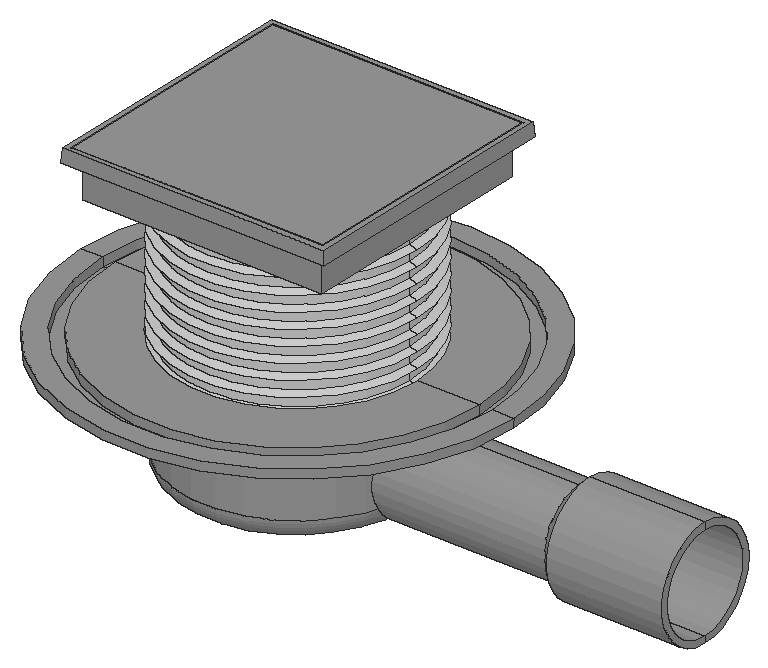
Revit family "HL_RU_Floor drain_HL90Prblue-3000-B-221019", category Instalační zařizovací předměty, Revit 2021
Family settings
  Kóta kulaté spojky = Použít průměr
  Typ dílu = Normální
  Číslo OmniClass = 23.70.50.21.24.14
  Nadpis OmniClass = Deck Waste Water Drains
  Založené na pracovní rovině = Ne
  Vždy vertikální = Ano
  Ořezat dutým tvarem při načtení = Ne
  Sdílené = Ano
  Bod výpočtu místnosti = Ano
Parameters (values of type "HL90Prblue-3000")
  РЕШЁТКА = "Edelstahl 115x115mm"
  РАЗМЕР = "DN40/50"
  ПРОПУСКНАЯ СПОСОБНОСТЬ = 0.43 L/s
  ПРОИЗВОДИТЕЛЬНОСТЬ = "0,43 l/s"
  ПРАВОВАЯ ИНФОРМАЦИЯ = "Авторские права(©), права на дизайн или какие либо другие права интелектуальной собственности являются исключительной собственностью компании HL Hutterer & Lechner. Изменению не подлежит. Файл семейства с данными о прозводителе изделия защищен паролем с водяным знаком."  # constant formula
  НОРМЫ = "EN 1253"
  НОМИНАЛЬНЫЙ ДИАМЕТР = 50 mm
  НАСАДКА = "10-80mm/121x121mm"
  МАТЕРИАЛ = "PP, Edelstahl"
  МАКСИМАЛЬНАЯ НАГРУЗКА КЛАССА = "K3 - 300 kg"
  ВЫСОТА МОНТАЖА = "67mm"
  ВЕС = "0,685 [kg]"
  Výchozí výška = 0 mm
  Přípoj ventilace = no
  Výrobce = "HL Hutterer & Lechner GmbH"  # constant formula
  URL = "https://www.hutterer-lechner.com/ru/Products/catalog/Floor-drains/horizontal/flange/HL90Prblue-3000.aspx"
  Přípoj odpadních dílů = yes
  Přípoj HW = no
  Popis = "Трапы для внутренних помещений"
  Model = "HL90Prblue-3000"
  Komentáře k typům = "Трап для внутренних помещений горизонтальный выпуск DN40/50 с \"СУХИМ\" сифоном Primus blue 121х121мм, с фиксацией решётки в подрамнике (Klick-Klack), с решёткой 115х115мм"
  Keynote = "HL90Prblue-3000"
  Высота монтажа [instance] = 139 mm
  EAN = "9003076050512"
  DN_test [instance] = if(or(НОМИНАЛЬНЫЙ ДИАМЕТР = 50 mm, НОМИНАЛЬНЫЙ ДИАМЕТР = 40 mm), 30 mm, 0 mm)  # 30 mm
  Přípoj CW = no
  C [instance] = if(НОМИНАЛЬНЫЙ ДИАМЕТР = 50 mm, 188 mm, 130 mm)  # 188 mm
  B [instance] = Высота монтажа - 20 mm  # 119 mm
  A [instance] = if(B - 100 mm > 15 mm, B - 100 mm, 15 mm)  # 19 mm
Reference planes
  plane 1 "Center (Front/Back)": y = 0
  plane 2: z = 0
  plane 3 "Center (Left/Right)": x = 0
  plane 4 "Ball Joint Vertical": x = 25.45
  plane 5: z = -139
  plane 6: z = -119
Lines and regions (mm)
  model lines, style "InvisibleLines"
    curve 1: line (0, 0, 0) -> (0, 0, 1000)
  reference lines
    curve 2: line (0, 0, -119) -> (188, 0, -119)
  model lines, detail levels coarse+medium
    curve 3: line (0, 0, -119) -> (0, 0, -100)
    curve 4: line (0, 0, -100) -> (100, 0, 0)
    curve 5: line (0, 0, -100) -> (-100, 0, 0)
    curve 23: line (0, 0, -119) -> (188, 0, -119)
  symbolic lines, detail levels coarse+medium
    curve 6: line (-75, 75, 0) -> (75, 75, 0)
    curve 7: line (-75, -75, 0) -> (-75, 75, 0)
    curve 8: line (75, -75, 0) -> (-75, -75, 0)
    curve 9: line (75, 75, 0) -> (75, -75, 0)
    curve 10: line (75, 75, 0) -> (145.711, 145.711, 0)
    curve 11: line (75, -75, 0) -> (145.711, -145.711, 0)
    curve 12: line (-75, 75, 0) -> (-145.711, 145.711, 0)
    curve 13: line (-75, -75, 0) -> (-145.711, -145.711, 0)
  symbolic lines, not visible, detail levels coarse+medium
    curve 14: line (-75, 75, 0) -> (75, 75, 0)
    curve 15: line (-75, -75, 0) -> (-75, 75, 0)
    curve 16: line (75, -75, 0) -> (-75, -75, 0)
    curve 17: line (75, 75, 0) -> (75, -75, 0)
    curve 18: line (75, 75, 0) -> (145.711, 145.711, 0)
    curve 19: line (75, -75, 0) -> (145.711, -145.711, 0)
    curve 20: line (-75, 75, 0) -> (-145.711, 145.711, 0)
    curve 21: line (-75, -75, 0) -> (-145.711, -145.711, 0)
  symbolic lines, style "InvisibleLines", not visible
    curve 22: line (0, 0, 0) -> (0, 0, -30)
Text (mm)
  text "ПОЛ" at (-198.233, 0, -26.556), in view "Drain Construction View"
Dimensions and locks
  locked: plane 4 "Ball Joint Vertical" to plane 3 "Center (Left/Right)" at 25.45
  "Высота монтажа": plane 2 to plane 5
  "A": curve 5 to plane 6
  "B": curve 5 to plane 6
  "B": curve 4 to plane 6
  "B": plane 2 to plane 6
  "DN_test": curve 22 to curve 22
  "C": curve 23 to plane 3 "Center (Left/Right)"
  "C": curve 2 to plane 3 "Center (Left/Right)"
  locked: nested 4 to plane 5 at 50
  locked: curve 4 to plane 3 "Center (Left/Right)" (angle 45.00°)
  locked: plane 3 "Center (Left/Right)" to curve 5 (angle 45.00°)
  aligned and locked: level to plane 2
  aligned and locked: plane 2 to curve 1
  aligned and locked: plane 3 "Center (Left/Right)" to curve 1
  aligned and locked: plane 3 "Center (Left/Right)" to curve 2
  aligned and locked: plane 3 "Center (Left/Right)" to curve 3
  aligned and locked: plane 3 "Center (Left/Right)" to curve 5
  aligned and locked: curve 23 to curve 2
Automatic sketch dimensions
  level to curve 1 = 1000 mm
  curve 2 to plane 6 = 0 mm
Nested families
  nested 1: "HL_Решётка_HL037Pr.1E" at (0, 0, 0), type "HL037Pr.1E_Main Component"
  nested 2: "HL_Насадка_HL3200" at (0, 0, 0), type "HL3200_Main Component"
    with Высота монтажа 80 mm, RN 13, RL 84.5 mm, R yes, NL_Test yes, NL 100 mm
  nested 3: "HL_Вкладыш сифона_HL090.5EKK" at (0, 0, -5.797), type "HL090.5EKK_Main Component"
  nested 4: "HL-Корпус для трапа внутренних помещений-HL90K" at (0, 0, -82) x (-1, 0, 0) z (0, 0, 1), DN <- "НОМИНАЛЬНЫЙ ДИАМЕТР", type "HL90K_Main Component"
    with V 0 mm, DN 50 mm
Connectors
  piping at (188, 0, -119), diameter 50, driven by "ПРОПУСКНАЯ СПОСОБНОСТЬ", driven by "НОМИНАЛЬНЫЙ ДИАМЕТР"
    settings: on curve 2, index 1, connector inside diameter 609.6 mm, connector length 0 mm, flow factor 0, pipe flow 0.43 L/s, pressure drop 0.0 Pa, fitting loss kfactor 0, connector angle 0.00°, fixture units 0, engagement length 0 mm, angle of deflection 0.00°, flow configuration 1, flow direction 2, fitting loss method 0, system type 16, joint type 0, gender type 0, connector reference index -1, connector utility 0, adjustable connector yes, is connector primary yes, connector description ""
Definition of nested family "HL_Решётка_HL037Pr.1E"
  Parameters (values of type "HL037Pr.1E")
    РАЗМЕР = "115x115mm"
    ПРАВОВАЯ ИНФОРМАЦИЯ = "Авторские права(©), права на дизайн или какие либо другие права интелектуальной собственности являются исключительной собственностью компании HL Hutterer & Lechner. Изменению не подлежит. Файл семейства с данными о прозводителе изделия защищен паролем с водяным знаком."  # constant formula
    МАТЕРИАЛ = "V2A"
    МАКСИМАЛЬНАЯ НАГРУЗКА КЛАССА = "K3 - 300 kg"
    ВЕС = "0,15 [kg]"
    Waste Connection = yes
    Default Elevation = 0 mm
    Vent Connection = no
    Manufacturer = "HL Hutterer & Lechner GmbH"  # constant formula
    URL = "http://www.hutterer-lechner.com/ru/products/catalog/floor-drains/attachments/HL037pr.1e.aspx"
    HW Connection = no
    Description = "Трапы для внутренних помещений - Комплектующие"
    Model = "HL037Pr.1E"
    Type Comments = "HL037Pr.1E Решётка из нержавеющей стали 115х115 мм"
    Keynote = "HL037Pr.1E"
    EAN = "9003076028474"
    CW Connection = no
  Reference planes
    plane 1 "Center (Front/Back)": y = 0
    plane 2: z = 0
    plane 3 "Center (Left/Right)": x = 0
    plane 4 "Ball Joint Vertical": x = 25.45
  Forms (mm)
    Extrusion 1, solid, detail levels fine
      sketch origin (0, 0, 0) x (1, 0, 0) y (0, 1, 0)
        loop
          line (57.5, 57.5) -> (-57.5, 57.5) -> (-57.5, -57.5) -> (57.5, -57.5) -> (57.5, 57.5)
      from 0 to -5
  Lines and regions (mm)
    model lines, detail levels fine
      curve 1: spline (-13.927, 0, 0) -> (-13.452, 1.165, 0) -> (-12.061, 2.25, 0) -> (-9.848, 3.182, 0) -> (-6.964, 3.897, 0) -> (-3.605, 4.347, 0) -> (0, 4.5, 0) -> (3.605, 4.347, 0) -> (6.964, 3.897, 0) -> (9.848, 3.182, 0) -> (12.061, 2.25, 0) -> (13.452, 1.165, 0) -> (13.927, 0, 0) -> (13.452, -1.165, 0) -> (12.061, -2.25, 0) -> (9.848, -3.182, 0) -> (6.964, -3.897, 0) -> (3.605, -4.347, 0) -> (0, -4.5, 0) -> (-3.605, -4.347, 0) -> (-6.964, -3.897, 0) -> (-9.848, -3.182, 0) -> (-12.061, -2.25, 0) -> (-13.452, -1.165, 0) -> (-13.927, 0, 0)
      curve 2: line (-5.9, 0.4, 0) -> (-11.9, 0.4, 0)
      curve 3: line (-3.65, -2, 0) -> (-3.65, 2, 0)
      curve 4: arc (-3.65, 2, 0) -> (-3.15, 2.5, 0) -> (-2.65, 2, 0) r 0.5
      curve 5: line (-2.65, 2, 0) -> (-2.65, 0.5, 0)
      curve 6: line (-2.65, 0.5, 0) -> (-0.65, 0.5, 0)
      curve 7: line (-0.65, 0.5, 0) -> (-0.65, 2, 0)
      curve 8: arc (-0.65, 2, 0) -> (-0.15, 2.5, 0) -> (0.35, 2, 0) r 0.5
      curve 9: line (0.35, 2, 0) -> (0.35, -2, 0)
      curve 10: arc (0.35, -2, 0) -> (-0.15, -2.5, 0) -> (-0.65, -2, 0) r 0.5
      curve 11: line (-0.65, -2, 0) -> (-0.65, -0.5, 0)
      curve 12: line (-0.65, -0.5, 0) -> (-2.65, -0.5, 0)
      curve 13: line (-2.65, -0.5, 0) -> (-2.65, -2, 0)
      curve 14: arc (-2.65, -2, 0) -> (-3.15, -2.5, 0) -> (-3.65, -2, 0) r 0.5
      curve 15: line (1.85, -2, 0) -> (1.85, 2, 0)
      curve 16: arc (1.85, 2, 0) -> (1.996, 2.354, 0) -> (2.35, 2.5, 0) r 0.5
      curve 17: arc (2.35, 2.5, 0) -> (2.704, 2.354, 0) -> (2.85, 2, 0) r 0.5
      curve 18: line (2.85, 2, 0) -> (2.85, -1, 0)
      curve 19: arc (2.85, -1, 0) -> (2.996, -1.354, 0) -> (3.35, -1.5, 0) r 0.5
      curve 20: line (3.35, -1.5, 0) -> (4.35, -1.5, 0)
      curve 21: arc (4.35, -1.5, 0) -> (4.85, -2, 0) -> (4.35, -2.5, 0) r 0.5
      curve 22: line (4.35, -2.5, 0) -> (2.35, -2.5, 0)
      curve 23: arc (2.35, -2.5, 0) -> (1.996, -2.354, 0) -> (1.85, -2, 0) r 0.5
      curve 24: line (12.1, 0.4, 0) -> (6.1, 0.4, 0)
      curve 25: line (-5.9, -0.4, 0) -> (-11.9, -0.4, 0)
      curve 26: line (12.1, -0.4, 0) -> (6.1, -0.4, 0)
      curve 27: line (-5.9, 0.4, 0) -> (-5.9, -0.4, 0)
      curve 28: line (-11.9, 0.4, 0) -> (-11.9, -0.4, 0)
      curve 29: line (6.1, 0.4, 0) -> (6.1, -0.4, 0)
      curve 30: line (12.1, 0.4, 0) -> (12.1, -0.4, 0)
      curve 31: arc (38.029, -24.059, 0) -> (45, 0, 0) -> (38.029, 24.059, 0) r 45
      curve 32: arc (38.029, 24.059, 0) -> (35.09, 25.896, 0) -> (31.82, 24.749, 0) r 4
      curve 33: arc (31.82, 24.749, 0) -> (30.673, 22.362, 0) -> (31.268, 19.782, 0) r 4
      curve 34: arc (31.268, 19.782, 0) -> (37, 0, 0) -> (31.268, -19.782, 0) r 37
      curve 35: arc (31.268, -19.782, 0) -> (30.673, -22.362, 0) -> (31.82, -24.749, 0) r 4
      curve 36: arc (31.82, -24.749, 0) -> (35.09, -25.896, 0) -> (38.029, -24.059, 0) r 4
      curve 37: arc (24.059, 38.029, 0) -> (0, 45, 0) -> (-24.059, 38.029, 0) r 45
      curve 38: arc (-24.059, 38.029, 0) -> (-25.896, 35.09, 0) -> (-24.749, 31.82, 0) r 4
      curve 39: arc (-24.749, 31.82, 0) -> (-22.362, 30.673, 0) -> (-19.782, 31.268, 0) r 4
      curve 40: arc (-19.782, 31.268, 0) -> (0, 37, 0) -> (19.782, 31.268, 0) r 37
      curve 41: arc (19.782, 31.268, 0) -> (22.362, 30.673, 0) -> (24.749, 31.82, 0) r 4
      curve 42: arc (24.749, 31.82, 0) -> (25.896, 35.09, 0) -> (24.059, 38.029, 0) r 4
      curve 43: arc (24.059, -38.029, 0) -> (0, -45, 0) -> (-24.059, -38.029, 0) r 45
      curve 44: arc (-24.059, -38.029, 0) -> (-25.896, -35.09, 0) -> (-24.749, -31.82, 0) r 4
      curve 45: arc (-24.749, -31.82, 0) -> (-22.362, -30.673, 0) -> (-19.782, -31.268, 0) r 4
      curve 46: arc (-19.782, -31.268, 0) -> (0, -37, 0) -> (19.782, -31.268, 0) r 37
      curve 47: arc (19.782, -31.268, 0) -> (22.362, -30.673, 0) -> (24.749, -31.82, 0) r 4
      curve 48: arc (24.749, -31.82, 0) -> (25.896, -35.09, 0) -> (24.059, -38.029, 0) r 4
      curve 49: arc (-38.029, -24.059, 0) -> (-45, 0, 0) -> (-38.029, 24.059, 0) r 45
      curve 50: arc (-38.029, 24.059, 0) -> (-35.09, 25.896, 0) -> (-31.82, 24.749, 0) r 4
      curve 51: arc (-31.82, 24.749, 0) -> (-30.673, 22.362, 0) -> (-31.268, 19.782, 0) r 4
      curve 52: arc (-31.268, 19.782, 0) -> (-37, 0, 0) -> (-31.268, -19.782, 0) r 37
      curve 53: arc (-31.268, -19.782, 0) -> (-30.673, -22.362, 0) -> (-31.82, -24.749, 0) r 4
      curve 54: arc (-31.82, -24.749, 0) -> (-35.09, -25.896, 0) -> (-38.029, -24.059, 0) r 4
    model lines
      curve 55: line (0, 0, 0) -> (0, 0, 100)
  Text (mm)
    text "ROOF/FLOOR" at (-198.233, 0, -26.556), in view "Drain Construction View"
  Dimensions and locks
    locked: plane 4 "Ball Joint Vertical" to plane 3 "Center (Left/Right)" at 25.45
    aligned and locked: level to plane 2
Definition of nested family "HL_Насадка_HL3200"
  Parameters
    РАЗМЕР = "d 110 mm"
    ПРАВОВАЯ ИНФОРМАЦИЯ = "Авторские права(©), права на дизайн или какие либо другие права интелектуальной собственности являются исключительной собственностью компании HL Hutterer & Lechner. Изменению не подлежит. Файл семейства с данными о прозводителе изделия защищен паролем с водяным знаком."  # constant formula
    НАСАДКА = "121 x 121 mm"
    МАТЕРИАЛ = "PP-V2A"
    Высота монтажа [instance] = 80 mm
    ВЫСОТА МОНТАЖА = "10 - 80 mm"
    ВЕС = "0,13 [kg]"
    Waste Connection = yes
    Default Elevation = 0 mm
    Vent Connection = no
    RD = 6.5 mm  # constant formula
    R [instance] = ((Высота монтажа - NL_Min) / RD - 1) > 2  # yes
    RL [instance] = if(Высота монтажа < 26 mm, 1 mm, RD * RN)  # 84.5 mm
    NL_Test [instance] = and(or(Высота монтажа < NL_Max, Высота монтажа = NL_Max), or(Высота монтажа > NL_Min, Высота монтажа = NL_Min))  # yes
    NL_Min = 10 mm
    NL_Max = 80 mm
    NL [instance] = if(NL_Test, Высота монтажа + 20 mm, 0 mm)  # 100 mm
    RN [instance] = if((Высота монтажа + 20 mm - NL_Min) / RD - 1 < 2, 2, (Высота монтажа + 20 mm - NL_Min) / RD - 1)  # 13
    Manufacturer = "HL Hutterer & Lechner GmbH"  # constant formula
    URL = "http://www.hutterer-lechner.com/ru/Products/catalog/floor-drains/attachments/HL3200.aspx"
    HW Connection = no
    Description = "Трапы для внутренних помещений - Комплектующие"
    Model = "HL3200"
    Type Comments = "HL3200 Насадные подрамники d 110/подрамники из нержавеющей стали (V2A) 121х121мм с О-кольцом. Система \"KLICK-KLACK\""
    Keynote = "HL3200"
    EAN = "9003076015399"
    CW Connection = no
  Reference planes
    plane 1 "Center (Front/Back)": y = 0
    plane 2: z = 0
    plane 3 "Center (Left/Right)": x = 0
    plane 4 "Ball Joint Vertical": x = 25.45
    plane 5: z = -100
  Forms (mm)
    Sweep 1, solid, detail levels fine
      path origin (0, 0, 0) x (1, 0, 0) y (0, 1, 0)
        loop
          line (-60.806, 60.806) -> (-60.806, -60.806) -> (60.806, -60.806) -> (60.806, 60.806) -> (-60.806, 60.806)
      profile origin (0, 60.806, 0) x (0, 1, 0) y (0, 0, 1)
        loop
          line (-2.806, 0) -> (-2.806, -5.3) -> (-6.306, -5.3) -> (-6.306, -8.3) -> (-9.767, -8.3) -> (-9.767, -21.997) -> (-5.806, -21.997) -> (-5.806, -6) -> (0, -6) -> (-0.525, 0) -> (-2.806, 0)
    Extrusion 2, solid, detail levels fine
      sketch origin (0, 0, 0) x (1, 0, 0) y (0, 1, 0)
        loop
          circle (0, 0) r 50
        loop
          line (-51.039, 51.039) -> (-51.039, -51.039) -> (51.039, -51.039) -> (51.039, 51.039) -> (-51.039, 51.039)
      from -19 to -21.997
    Revolve 3, solid, detail levels fine
      sketch origin (0, 0, 0) x (1, 0, 0) y (0, 0, 1)
        loop
          line (50, -21.997) -> (50, -100) -> (51.861, -100) -> (51.861, -21.997) -> (50, -21.997)
        axis (0, -21.997) -> (0, -100)
      angle from 0 to 360
  Lines and regions (mm)
    symbolic lines
      curve 1: line (0, 0, -100) -> (0, 0, 0)
    model lines
      curve 2: line (0, 0, 0) -> (0, 0, 100)
  Text (mm)
    text "ROOF/FLOOR" at (-198.233, 0, -26.556), in view "Drain Construction View"
  Dimensions and locks
    locked: plane 4 "Ball Joint Vertical" to plane 3 "Center (Left/Right)" at 25.45
    "NL": plane 2 to plane 5
    equal spacing: group 1, group 3, group 4, group 5, group 6, group 7, group 8, group 9, group 10, group 11, group 12, group 13, group 2  (x3)
    "RL": nested 2 to nested 1
    locked: nested 1 to plane 5 at 1.516
    aligned and locked: level to plane 2
    aligned and locked: plane 3 "Center (Left/Right)" to nested 1
    aligned and locked: plane 1 "Center (Front/Back)" to nested 1
    aligned and locked: plane 2 to curve 1
    aligned and locked: plane 5 to curve 1
    aligned and locked: Sweep 1 to Revolve 3 sketch curve
    aligned and locked: plane 5 to Revolve 3 sketch curve
  Automatic sketch dimensions
    Sweep 1 sketch curve to plane 3 "Center (Left/Right)" = 60.806 mm
    plane 4 "Ball Joint Vertical" to Sweep 1 sketch curve = 35.356 mm
    plane 1 "Center (Front/Back)" to Sweep 1 sketch curve = 60.806 mm
    Sweep 1 sketch curve to plane 1 "Center (Front/Back)" = 60.806 mm
    Sweep 1 sketch curve to profile plane = 0 mm  (x2)
    profile plane to Sweep 1 sketch curve = 0.525 mm
    Sweep 1 sketch curve to Sweep 1 sketch curve = 2.281 mm
    Sweep 1 sketch curve to Sweep 1 sketch curve = 3 mm  (x2)
    Sweep 1 sketch curve to Sweep 1 sketch curve = 0.5 mm
    Sweep 1 sketch curve to Sweep 1 sketch curve = 3.461 mm
    Sweep 1 sketch curve to profile plane = 5.3 mm
    Sweep 1 sketch curve to Sweep 1 sketch curve = 0.7 mm
    Sweep 1 sketch curve to Sweep 1 sketch curve = 13.697 mm
    plane 1 "Center (Front/Back)" to Extrusion 2 sketch curve = 0 mm
    Extrusion 2 sketch curve to plane 3 "Center (Left/Right)" = 0 mm
    Extrusion 2 sketch curve to plane 3 "Center (Left/Right)" = 51.039 mm
    plane 4 "Ball Joint Vertical" to Extrusion 2 sketch curve = 25.589 mm
    plane 1 "Center (Front/Back)" to Extrusion 2 sketch curve = 51.039 mm
    Extrusion 2 sketch curve to plane 1 "Center (Front/Back)" = 51.039 mm
    Revolve 3 sketch curve to plane 3 "Center (Left/Right)" = 0 mm
    plane 4 "Ball Joint Vertical" to Revolve 3 sketch curve = 24.55 mm
    Revolve 3 sketch curve to Revolve 3 sketch curve = 1.861 mm
    Revolve 3 sketch curve to level = 13.456 mm
    level to Revolve 3 sketch curve = 16.544 mm
    curve 2 to plane 3 "Center (Left/Right)" = 0 mm
    level to curve 2 = 100 mm
    radius of Extrusion 2 sketch curve = 50 mm
  Nested families
    nested 1: "Ring" at (0, 0, -98.484), visible <- "R", type "Ring"
    nested 2: "Ring" at (0, 0, -13.984), visible <- "R", type "Ring"
    nested 3: "Ring" at (0, 0, -91.442), visible <- "R", type "Ring"
    nested 4: "Ring" at (0, 0, -84.401), visible <- "R", type "Ring"
    nested 5: "Ring" at (0, 0, -77.359), visible <- "R", type "Ring"
    nested 6: "Ring" at (0, 0, -70.317), visible <- "R", type "Ring"
    nested 7: "Ring" at (0, 0, -63.276), visible <- "R", type "Ring"
    nested 8: "Ring" at (0, 0, -56.234), visible <- "R", type "Ring"
    nested 9: "Ring" at (0, 0, -49.192), visible <- "R", type "Ring"
    nested 10: "Ring" at (0, 0, -42.151), visible <- "R", type "Ring"
    nested 11: "Ring" at (0, 0, -35.109), visible <- "R", type "Ring"
    nested 12: "Ring" at (0, 0, -28.067), visible <- "R", type "Ring"
    nested 13: "Ring" at (0, 0, -21.026), visible <- "R", type "Ring"
  Definition of nested family "Ring"
    Parameters (values of type "Ring")
      Manufacturer = ""
      Default Elevation = 0 mm
      URL = ""
      R = D / 2  # 51.5 mm
      Description = ""
      Model = ""
      Material = none
      Type Comments = ""
      D = 103 mm
      Cost = 0
    Reference planes
      plane 1 "Střed (vpředu/vzadu)": y = 0
      plane 2: z = 0
      plane 3 "Střed (vlevo/vpravo)": x = 0
    Forms (mm)
      Revolve 1, solid, material <- "Material", detail levels fine
        sketch origin (0, 0, 0) x (1, 0, 0) y (0, 0, 1)
          loop
            line (-51.5, 1.482) -> (-54.764, 0) -> (-51.5, -1.516) -> (-51.5, 1.482)
          axis (0, 1.482) -> (0, -1.516)
        angle from 0 to 360
    Dimensions and locks
      "R": Revolve 1 sketch curve to plane 3 "Střed (vlevo/vpravo)"
      aligned and locked: level to plane 2
      aligned and locked: Revolve 1 sketch curve to plane 3 "Střed (vlevo/vpravo)"
    Automatic sketch dimensions
      Revolve 1 sketch curve to level = 0 mm
      Revolve 1 sketch curve to Revolve 1 sketch curve = 3.264 mm
      Revolve 1 sketch curve to level = 1.516 mm
      level to Revolve 1 sketch curve = 1.482 mm
      Revolve 1 sketch curve to level = 381 mm
      Revolve 1 sketch curve to Revolve 1 sketch curve = 2212.833 mm
Definition of nested family "HL_Вкладыш сифона_HL090.5EKK"
  Parameters (values of type "HL090.5EKK_Main Component")
    ПРАВОВАЯ ИНФОРМАЦИЯ = "Авторские права(©), права на дизайн или какие либо другие права интелектуальной собственности являются исключительной собственностью компании HL Hutterer & Lechner. Изменению не подлежит. Файл семейства с данными о прозводителе изделия защищен паролем с водяным знаком."  # constant formula
    МАТЕРИАЛ = "PC/ABS"
    ВЕС = "0,11 [kg]"
    Waste Connection = yes
    Default Elevation = 0 mm
    Vent Connection = no
    Manufacturer = "HL Hutterer & Lechner GmbH"  # constant formula
    URL = "https://www.hutterer-lechner.com/ru/Products/catalog/Floor-drains/attachments/HL090.5EKK.aspx"
    HW Connection = no
    Description = "Трапы для внутренних помещений - Комплектующие"
    Model = "HL090.5EKK"
    Type Comments = "\"СУХОЙ\" сифон Primus blue для  системы Klick-Klack"
    Keynote = "HL090.5EKK"
    EAN = "9003076050581"
    CW Connection = no
  Reference planes
    plane 1 "Center (Front/Back)": y = 0
    plane 2: z = 0
    plane 3 "Center (Left/Right)": x = 0
    plane 4 "Ball Joint Vertical": x = 25.45
  Forms (mm)
    Revolve 1, solid, detail levels fine
      sketch origin (0, 0, 0) x (0, 1, 0) y (0, 0, 1)
        loop
          line (-44.7, 0) -> (-53, 0) -> (-53, -2) -> (-49.228, -2) -> (-49.228, -13.214) -> (-46.721, -13.214) -> (-46.721, -20.152) -> (0, -20.152) -> (0, -18.268) -> (-32.15, -18.268) -> (-44.7, -18.268) -> (-44.7, 0)
        axis (0, 0) -> (0, -20.152)
      angle from 0 to 360
    Extrusion 2, solid, detail levels fine
      sketch origin (0, 0, 0) x (1, 0, 0) y (0, 1, 0)
        loop
          line (34.626, 31.41) -> (-34.626, 31.41)
          arc (-34.626, 31.41) -> (-46.75, 0) -> (-34.626, -31.41) r 46.75
          line (-34.626, -31.41) -> (34.626, -31.41)
          arc (34.626, -31.41) -> (46.721, 0) -> (34.626, 31.41) r 46.834
      from -20.152 to -57
    Revolve 3, solid, detail levels fine
      sketch origin (0, 0, 0) x (0, 1, 0) y (0, 0, 1)
        loop
          arc (-49.228, -6.728) -> (-50.709, -8.655) -> (-49.228, -10.583) r 1.995
          line (-49.228, -10.583) -> (-49.228, -6.728)
        axis (0, -6.728) -> (0, -10.583)
      angle from 0 to 360
    Revolve 4, solid, detail levels fine
      sketch origin (0, 0, 0) x (0, 1, 0) y (0, 0, 1)
        loop
          line (0, -18.268) -> (0, 0) -> (-33.004, -1.346) -> (-33.004, -3.231) -> (-32.15, -3.231) -> (-32.15, -18.268) -> (0, -18.268)
        axis (0, 0) -> (0, -18.268)
      angle from 0 to 360
  Text (mm)
    text "ROOF/FLOOR" at (-198.233, 0, -26.556), in view "Drain Construction View"
  Dimensions and locks
    locked: plane 4 "Ball Joint Vertical" to plane 3 "Center (Left/Right)" at 25.45
    aligned and locked: level to plane 2
    aligned and locked: Extrusion 2 to Revolve 1
Definition of nested family "HL-Корпус для трапа внутренних помещений-HL90K"
  Parameters (values of type "HL90K_Main Component")
    РАЗМЕР = "DN40/50"
    ПРАВОВАЯ ИНФОРМАЦИЯ = "Авторские права(©), права на дизайн или какие либо другие права интелектуальной собственности являются исключительной собственностью компании HL Hutterer & Lechner. Изменению не подлежит. Файл семейства с данными о прозводителе изделия защищен паролем с водяным знаком."  # constant formula
    МАТЕРИАЛ = "PP"
    ВЫСОТА МОНТАЖА = "57 mm"
    ВЕС = "0,218 [kg]"
    Waste Connection = yes
    Default Elevation = 0 mm
    Vent Connection = no
    Manufacturer = "HL Hutterer & Lechner GmbH"  # constant formula
    V [instance] = if(DN = 40 mm, 58 mm, 0 mm)  # 0 mm
    URL = "http://www.hutterer-lechner.com/ru/Products/catalog/floor-drains/attachments/HL90K.aspx"
    Assembly Code = "Main Component"
    HW Connection = no
    Description = "Трапы для внутренних помещений - Комплектующие"
    Model = "HL90K"
    Type Comments = "Корпус трапа для балконов и террасс DN40/50 горизонтальный"
    Keynote = "HL90K"
    EAN = "9003076013395"
    DN [instance] = 50 mm
    CW Connection = no
  Reference planes
    plane 1 "Center (Front/Back)": y = 0
    plane 2: z = 0
    plane 3 "Center (Left/Right)": x = 0
    plane 4 "Ball Joint Vertical": x = 25.45
  Forms (mm)
    Revolve 1, solid, detail levels fine
      sketch origin (0, 0, 0) x (1, 0, 0) y (0, 0, 1)
        loop
          line (-188, -12) -> (-188, -15) -> (-136.243, -15) -> (-131.243, -20) -> (-41.649, -20) -> (-41.649, -17) -> (-130, -17) -> (-135, -12) -> (-188, -12)
        axis (-188, -37) -> (-41.649, -37)
      angle from 0 to 360
    Revolve 2, solid, detail levels fine
      sketch origin (0, 0, 0) x (1, 0, 0) y (0, 0, 1)
        loop
          line (100, -4) -> (100, 0) -> (90, 0) -> (90, -4) -> (84.001, -4) -> (84.001, 0) -> (55.35, 0) -> (55.35, -20) -> (51, -20) -> (51, -47)
          arc (51, -47) -> (48.95, -51.95) -> (44, -54) r 7
          line (44, -54) -> (0, -54) -> (0, -57) -> (44, -57)
          arc (44, -57) -> (51.071, -54.071) -> (54, -47) r 10
          line (54, -47) -> (54, -24.5) -> (58.5, -24.5) -> (58.5, -7) -> (93, -7) -> (93, -4) -> (100, -4)
        axis (0, 0) -> (0, -57)
      angle from 0 to 360
    Revolve 3, void
      sketch origin (0, 0, 0) x (1, 0, 0) y (0, 0, 1)
        loop
          line (26, -54) -> (44, -54)
          arc (44, -54) -> (48.95, -51.95) -> (51, -47) r 7
          line (51, -47) -> (51, -20) -> (55.35, -20) -> (55.35, -14.5) -> (41, -14.5) -> (41, -44) -> (26, -44) -> (26, -54)
        axis (0, -14.5) -> (0, -54)
      angle from 0 to 360
    Extrusion 4, void
      sketch origin (0, 0, 0) x (0, 1, 0) y (0, 0, 1)
        loop
          circle (0, -37) r 17
      from -36.616 to -121.62
    Extrusion 5, void
      sketch origin (-188, 0, -37) x (0, 0, -1) y (0, 1, 0)
        loop
          line (-37, 37.5) -> (-37, -37.5) -> (38, -37.5) -> (38, 37.5) -> (-37, 37.5)
      from -10 to 0 <- "V"
  Cuts and joins
    Revolve 3, Extrusion 4, Extrusion 5 cuts Revolve 1
    Revolve 3, Extrusion 4 cuts Revolve 2
  Lines and regions (mm)
    model lines, detail levels fine
      curve 1: line (18.25, 16.225, -54) -> (9.75, 16.225, -54)
      curve 2: line (15.625, 14.475, -54) -> (18.25, 14.475, -54)
      curve 3: line (9.75, 14.475, -54) -> (12.375, 14.475, -54)
      curve 4: line (12.375, 9.975, -54) -> (9.75, 9.975, -54)
      curve 5: line (18.25, 9.975, -54) -> (15.625, 9.975, -54)
      curve 6: line (9.75, 8.225, -54) -> (18.25, 8.225, -54)
      curve 7: line (14.875, 10.725, -54) -> (14.875, 13.725, -54)
      curve 8: line (13.125, 13.725, -54) -> (13.125, 10.725, -54)
      curve 9: line (18.25, 6.425, -54) -> (9.75, 6.425, -54)
      curve 10: line (11.5, 4.675, -54) -> (18.25, 4.675, -54)
      curve 11: line (10.75, 0.675, -54) -> (10.75, 3.925, -54)
      curve 12: line (9, 5.675, -54) -> (9, 0.675, -54)
      curve 13: line (18, -2.675, -54) -> (14.325, -2.675, -54)
      curve 14: line (19, -7.425, -54) -> (19, -3.675, -54)
      curve 15: line (10, -8.425, -54) -> (18, -8.425, -54)
      curve 16: line (10.75, -5.925, -54) -> (10.75, -3.425, -54)
      curve 17: line (9, -3.425, -54) -> (9, -7.425, -54)
      curve 18: line (12.575, -6.675, -54) -> (11.5, -6.675, -54)
      curve 19: line (13.325, -3.675, -54) -> (13.325, -5.925, -54)
      curve 20: line (11.5, -11.975, -54) -> (16.5, -11.975, -54)
      curve 21: line (10.75, -13.725, -54) -> (10.75, -12.725, -54)
      curve 22: line (16.5, -14.475, -54) -> (11.5, -14.475, -54)
      curve 23: line (17.25, -12.725, -54) -> (17.25, -13.725, -54)
      curve 24: line (19, -13.725, -54) -> (19, -12.725, -54)
      curve 25: line (16.5, -10.225, -54) -> (11.5, -10.225, -54)
      curve 26: line (9, -12.725, -54) -> (9, -13.725, -54)
      curve 27: line (11.5, -16.225, -54) -> (16.5, -16.225, -54)
      curve 28: arc (12.375, 14.475, -54) -> (12.905, 14.255, -54) -> (13.125, 13.725, -54) r 0.75
      curve 29: arc (14.875, 13.725, -54) -> (15.095, 14.255, -54) -> (15.625, 14.475, -54) r 0.75
      curve 30: arc (14.875, 10.725, -54) -> (15.095, 10.195, -54) -> (15.625, 9.975, -54) r 0.75
      curve 31: arc (13.125, 10.725, -54) -> (12.905, 10.195, -54) -> (12.375, 9.975, -54) r 0.75
      curve 32: arc (9.75, 6.425, -54) -> (9.22, 6.205, -54) -> (9, 5.675, -54) r 0.75
      curve 33: arc (11.5, 4.675, -54) -> (10.97, 4.455, -54) -> (10.75, 3.925, -54) r 0.75
      curve 34: arc (15.075, -5.175, -54) -> (15.295, -4.645, -54) -> (15.825, -4.425, -54) r 0.75
      curve 35: arc (16.5, -4.425, -54) -> (17.03, -4.645, -54) -> (17.25, -5.175, -54) r 0.75
      curve 36: arc (17.25, -5.925, -54) -> (17.03, -6.455, -54) -> (16.5, -6.675, -54) r 0.75
      curve 37: arc (15.825, -6.675, -54) -> (15.295, -6.455, -54) -> (15.075, -5.925, -54) r 0.75
      curve 38: arc (18, -8.425, -54) -> (18.707, -8.132, -54) -> (19, -7.425, -54) r 1
      curve 39: arc (19, -3.675, -54) -> (18.707, -2.968, -54) -> (18, -2.675, -54) r 1
      curve 40: arc (14.325, -2.675, -54) -> (13.618, -2.968, -54) -> (13.325, -3.675, -54) r 1
      curve 41: arc (12.575, -6.675, -54) -> (13.105, -6.455, -54) -> (13.325, -5.925, -54) r 0.75
      curve 42: arc (11.5, -6.675, -54) -> (10.97, -6.455, -54) -> (10.75, -5.925, -54) r 0.75
      curve 43: arc (9, -7.425, -54) -> (9.293, -8.132, -54) -> (10, -8.425, -54) r 1
      curve 44: arc (16.5, -10.225, -54) -> (18.268, -10.957, -54) -> (19, -12.725, -54) r 2.5
      curve 45: arc (11.5, -10.225, -54) -> (9.732, -10.957, -54) -> (9, -12.725, -54) r 2.5
      curve 46: arc (9, -13.725, -54) -> (9.732, -15.493, -54) -> (11.5, -16.225, -54) r 2.5
      curve 47: arc (11.5, -14.475, -54) -> (10.97, -14.255, -54) -> (10.75, -13.725, -54) r 0.75
      curve 48: arc (10.75, -12.725, -54) -> (10.97, -12.195, -54) -> (11.5, -11.975, -54) r 0.75
      curve 49: arc (16.5, -11.975, -54) -> (17.03, -12.195, -54) -> (17.25, -12.725, -54) r 0.75
      curve 50: arc (17.25, -13.725, -54) -> (17.03, -14.255, -54) -> (16.5, -14.475, -54) r 0.75
      curve 51: arc (16.5, -16.225, -54) -> (18.268, -15.493, -54) -> (19, -13.725, -54) r 2.5
      curve 52: line (19, 15.225, -54) -> (19, 15.475, -54)
      curve 53: arc (18.25, 16.225, -54) -> (18.78, 16.005, -54) -> (19, 15.475, -54) r 0.75
      curve 54: arc (19, 15.225, -54) -> (18.78, 14.695, -54) -> (18.25, 14.475, -54) r 0.75
      curve 55: line (9, 15.225, -54) -> (9, 15.475, -54)
      curve 56: arc (9.75, 16.225, -54) -> (9.22, 16.005, -54) -> (9, 15.475, -54) r 0.75
      curve 57: arc (9, 15.225, -54) -> (9.22, 14.695, -54) -> (9.75, 14.475, -54) r 0.75
      curve 58: line (19, 9.225, -54) -> (19, 8.975, -54)
      curve 59: arc (18.25, 8.225, -54) -> (18.78, 8.445, -54) -> (19, 8.975, -54) r 0.75
      curve 60: arc (19, 9.225, -54) -> (18.78, 9.755, -54) -> (18.25, 9.975, -54) r 0.75
      curve 61: line (9, 9.225, -54) -> (9, 8.975, -54)
      curve 62: arc (9.75, 8.225, -54) -> (9.22, 8.445, -54) -> (9, 8.975, -54) r 0.75
      curve 63: arc (9, 9.225, -54) -> (9.22, 9.755, -54) -> (9.75, 9.975, -54) r 0.75
      curve 64: line (19, 5.675, -54) -> (19, 5.425, -54)
      curve 65: arc (18.25, 4.675, -54) -> (18.78, 4.895, -54) -> (19, 5.425, -54) r 0.75
      curve 66: arc (19, 5.675, -54) -> (18.78, 6.205, -54) -> (18.25, 6.425, -54) r 0.75
      curve 67: line (9.75, -0.075, -54) -> (10, -0.075, -54)
      curve 68: arc (9, 0.675, -54) -> (9.22, 0.145, -54) -> (9.75, -0.075, -54) r 0.75
      curve 69: arc (10, -0.075, -54) -> (10.53, 0.145, -54) -> (10.75, 0.675, -54) r 0.75
      curve 70: line (15.825, -4.425, -54) -> (16.5, -4.425, -54)
      curve 71: line (17.25, -5.175, -54) -> (17.25, -5.925, -54)
      curve 72: line (16.5, -6.675, -54) -> (15.825, -6.675, -54)
      curve 73: line (15.075, -5.925, -54) -> (15.075, -5.175, -54)
      curve 74: line (10, -2.675, -54) -> (9.75, -2.675, -54)
      curve 75: arc (9, -3.425, -54) -> (9.22, -2.895, -54) -> (9.75, -2.675, -54) r 0.75
      curve 76: arc (10, -2.675, -54) -> (10.53, -2.895, -54) -> (10.75, -3.425, -54) r 0.75
  Text (mm)
    text "ROOF/FLOOR" at (-198.233, 0, -26.556), in view "Drain Construction View"
  Dimensions and locks
    locked: plane 4 "Ball Joint Vertical" to plane 3 "Center (Left/Right)" at 25.45
    aligned and locked: level to plane 2
